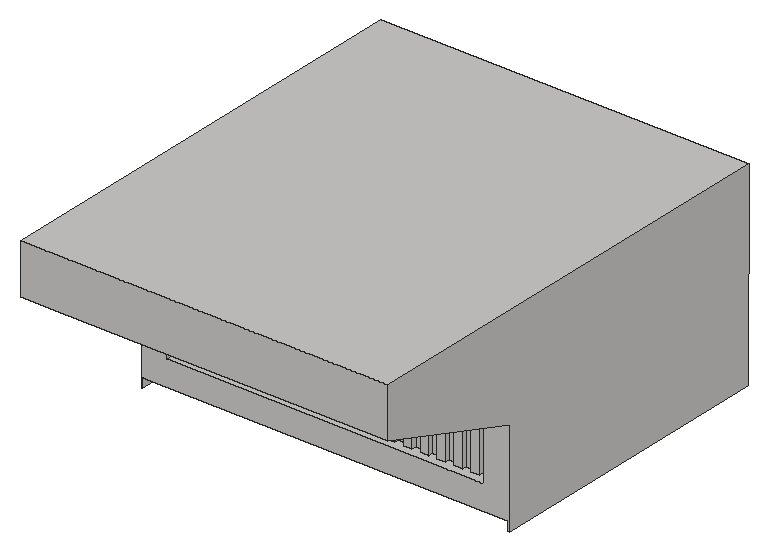
Revit family "QF_ZANUSSI_922732_HOEXFAST61011", category Specialty Equipment, Revit 2021
Family settings
  Round Connector Dimension = Use Diameter
  Part Type = Normal
  Work Plane-Based = No
  Always vertical = Yes
  Cut with Voids When Loaded = No
  Shared = No
  Room Calculation Point = No
Parameters
  Weight = 59.00 kg
  Watts = 0 W
  Volts = 220 V
  URL Manufacturer = "http://www.zanussiprofessional.com"
  URL = "http://www.zanussiprofessional.com"
  Steam Supply Size = 0 mm
  Steam Supply Minimum Pressure = 0.0 Pa
  Steam Supply Maximum Pressure = 0.0 Pa
  Steam Pounds per Hour = 0
  Show Logo [instance] = yes
  Show Clearance [instance] = yes
  Refrigeration Suction Line Size = 0 mm
  Refrigeration Liquid Line Size = 0 mm
  Refrigerant Compressor Remote = yes
  Manufacturer = "Zanussi"
  Phase = 1
  Model = "HOSS11"
  Length Actual = 875 mm
  Item Number = "922732"
  Hot Water Size = 0 mm
  Height Actual = 450 mm
  HP = "0.6 HP"
  Gas Size = 0 mm
  Gas KW = 0
  Gas Input Pressure = 0 W
  Direct Waste Size = 0 mm
  Description = "EXHAUST HOOD WITH FAN FOR STACKING 6+6&10 GN 1/1 OVENS"
  Depth Actual = 1191 mm
  Default Elevation = 0 mm
  Cycle = 50 Hz
  Condensate Return Size = 0 mm
  Compressed Air Volume = 0.0 L/s
  Compressed Air Size = 0 mm
  Compressed Air Pressure = 0.0 Pa
  Cold Water Size = 0 mm
  Accessory = no
Reference planes
  plane 1 "Center X": y = 92.351
  plane 2: z = 0
  plane 3 "Center Y": x = -326.5
  plane 4 "LEFT": x = -760
  plane 5 "BACK": y = 479.851
  plane 6 "RIGHT": x = 107
  plane 7 "FRONT": y = -295.149
  plane 8 "TOP": z = 1728
  plane 9: y = -590.149
  plane 10: x = -764
  plane 11: x = 111
  plane 12: z = 2178
Forms (mm)
  Extrusion 1, solid, material "QF_Clearance", visible <- "Show Clearance", detail levels coarse
    sketch origin (0, 0, 0) x (1, 0, 0) y (0, 1, 0)
      loop
        line (-764, 479.851) -> (111, 479.851) -> (111, 629.851) -> (-764, 629.851) -> (-764, 479.851)
    from 1707 to 2178
  Extrusion 2, solid, material "QF_Clearance", visible <- "Show Clearance", detail levels coarse
    sketch origin (-1150.39, -1524, 2178) x (-1, 0, 0) y (0, -1, 0)
      loop
        line (-386.39, -933.851) -> (-1261.39, -933.851) -> (-1261.39, -2153.851) -> (-386.39, -2153.851) -> (-386.39, -933.851)
    from 450 to 0
  Extrusion 3, solid, material "QF_Finishes_Stainless Steel"
    sketch origin (-764, 902.856, 4000) x (0, 1, 0) y (0, 0, 1)
      loop
        line (-423.005, -2272) -> (-423.005, -1822) -> (-1493.005, -1822) -> (-1493.005, -1942.064) -> (-1133.005, -2066.021) -> (-1133.005, -2272) -> (-423.005, -2272)
    from 60 to 0
  Extrusion 4, solid, material "QF_Finishes_Stainless Steel"
    sketch origin (111, 902.856, 4000) x (0, 1, 0) y (0, 0, 1)
      loop
        line (-423.005, -2272) -> (-423.005, -1822) -> (-1493.005, -1822) -> (-1493.005, -1942.064) -> (-1133.005, -2066.021) -> (-1133.005, -2272) -> (-423.005, -2272)
    from -60 to 0
  Extrusion 5, solid, material "QF_Finishes_Stainless Steel"
    sketch origin (-326.5, 0, 0) x (0, 1, 0) y (0, 0, 1)
      loop
        line (479.851, 1728) -> (479.851, 2178) -> (-590.149, 2178) -> (-590.149, 2057.936) -> (-210.149, 2057.936) -> (-210.149, 1788) -> (-230.149, 1788) -> (-230.149, 1728) -> (479.851, 1728)
    from -377.5 to 377.5
  Extrusion 6, solid, material "QF_Finishes_Stainless Steel"
    sketch origin (0, -295.149, 0) x (-1, 0, 0) y (0, 0, 1)
      loop
        line (764, 1728) -> (760, 1728) -> (760, 1707) -> (764, 1707) -> (764, 1728)
      loop
        line (-107, 1728) -> (-111, 1728) -> (-111, 1707) -> (-107, 1707) -> (-107, 1728)
    from 65 to 775
  Extrusion 7, solid, material "QF_Finishes_Stainless Steel"
    sketch origin (0, 479.851, 0) x (-1, 0, 0) y (0, 0, 1)
      loop
        circle (-86, 2113) r 8
      loop
        circle (326.5, 1746) r 7
    from 0 to 20
  Extrusion 8, solid, material "QF_Finishes_Stainless Steel"
    sketch origin (-764, 902.856, 4000) x (0, 1, 0) y (0, 0, 1)
      loop
        line (-302.005, -2270.064) -> (-302.005, -2125.063) -> (-423.005, -2004.063) -> (-423.005, -2270.064) -> (-302.005, -2270.064)
    from 365 to 50
  Extrusion 9, void
    sketch origin (0, 0, 0) x (1, 0, 0) y (0, 1, 0)
      loop
        line (-696.5, -200.149) -> (-696.5, -210.149) -> (-676.5, -210.149) -> (-676.5, -200.149) -> (-696.5, -200.149)
      loop
        line (-656.5, -200.149) -> (-656.5, -210.149) -> (-636.5, -210.149) -> (-636.5, -200.149) -> (-656.5, -200.149)
      loop
        line (-616.5, -200.149) -> (-616.5, -210.149) -> (-596.5, -210.149) -> (-596.5, -200.149) -> (-616.5, -200.149)
      loop
        line (-576.5, -200.149) -> (-576.5, -210.149) -> (-556.5, -210.149) -> (-556.5, -200.149) -> (-576.5, -200.149)
      loop
        line (-536.5, -200.149) -> (-536.5, -210.149) -> (-516.5, -210.149) -> (-516.5, -200.149) -> (-536.5, -200.149)
      loop
        line (-496.5, -200.149) -> (-496.5, -210.149) -> (-476.5, -210.149) -> (-476.5, -200.149) -> (-496.5, -200.149)
      loop
        line (-456.5, -200.149) -> (-456.5, -210.149) -> (-436.5, -210.149) -> (-436.5, -200.149) -> (-456.5, -200.149)
      loop
        line (-416.5, -200.149) -> (-416.5, -210.149) -> (-396.5, -210.149) -> (-396.5, -200.149) -> (-416.5, -200.149)
      loop
        line (-376.5, -200.149) -> (-376.5, -210.149) -> (-356.5, -210.149) -> (-356.5, -200.149) -> (-376.5, -200.149)
      loop
        line (-336.5, -200.149) -> (-336.5, -210.149) -> (-316.5, -210.149) -> (-316.5, -200.149) -> (-336.5, -200.149)
      loop
        line (-296.5, -200.149) -> (-296.5, -210.149) -> (-276.5, -210.149) -> (-276.5, -200.149) -> (-296.5, -200.149)
      loop
        line (-256.5, -200.149) -> (-256.5, -210.149) -> (-236.5, -210.149) -> (-236.5, -200.149) -> (-256.5, -200.149)
      loop
        line (-216.5, -200.149) -> (-216.5, -210.149) -> (-196.5, -210.149) -> (-196.5, -200.149) -> (-216.5, -200.149)
      loop
        line (-176.5, -200.149) -> (-176.5, -210.149) -> (-156.5, -210.149) -> (-156.5, -200.149) -> (-176.5, -200.149)
      loop
        line (-136.5, -200.149) -> (-136.5, -210.149) -> (-116.5, -210.149) -> (-116.5, -200.149) -> (-136.5, -200.149)
      loop
        line (-96.5, -200.149) -> (-96.5, -210.149) -> (-76.5, -210.149) -> (-76.5, -200.149) -> (-96.5, -200.149)
      loop
        line (-56.5, -200.149) -> (-56.5, -210.149) -> (-36.5, -210.149) -> (-36.5, -200.149) -> (-56.5, -200.149)
      loop
        line (-16.5, -200.149) -> (-16.5, -210.149) -> (3.5, -210.149) -> (3.5, -200.149) -> (-16.5, -200.149)
      loop
        line (23.5, -200.149) -> (23.5, -210.149) -> (43.5, -210.149) -> (43.5, -200.149) -> (23.5, -200.149)
    from 1788 to 2057.936
Cuts and joins
  joined: Extrusion 1, Extrusion 2
  Extrusion 9 cuts Extrusion 3
  Extrusion 9 cuts Extrusion 4
  Extrusion 9 cuts Extrusion 5
  Extrusion 9 cuts Extrusion 6
  Extrusion 9 cuts Extrusion 7
  Extrusion 9 cuts Extrusion 8
  joined: Extrusion 3, Extrusion 4, Extrusion 5, Extrusion 6, Extrusion 7, Extrusion 8
Lines and regions (mm)
  symbolic lines, style "QF_Clearances", visible <- "Show Clearance"
    curve 1: line (111, 629.851, 0) -> (-764, 629.851, 0)
  symbolic lines, style "Linee tratto punto"
    curve 2: line (-764, 479.851, 0) -> (111, 479.851, 0)
    curve 3: line (-764, -590.149, 0) -> (-764, 479.851, 0)
    curve 4: line (111, -590.149, 0) -> (-764, -590.149, 0)
    curve 5: line (111, 479.851, 0) -> (111, -590.149, 0)
    curve 6: line (-714, 600.851, 0) -> (-714, 479.851, 0)
    curve 7: line (-399, 600.851, 0) -> (-714, 600.851, 0)
    curve 8: line (-399, 479.851, 0) -> (-399, 600.851, 0)
    curve 19: line (-764, -590.149, 0) -> (111, 479.851, 0)
    curve 20: line (-764, 479.851, 0) -> (111, -590.149, 0)
  symbolic lines
    curve 9: line (-333.5, 499.851, 0) -> (-319.5, 499.851, 0)
    curve 10: line (-319.5, 499.851, 0) -> (-319.5, 479.851, 0)
    curve 11: line (-333.5, 499.851, 0) -> (-333.5, 479.851, 0)
    curve 12: line (94, 499.851, 0) -> (94, 479.851, 0)
    curve 13: line (94, 499.851, 0) -> (78, 499.851, 0)
    curve 14: line (78, 499.851, 0) -> (78, 479.851, 0)
  symbolic lines, style "SpecialityEquipmentHiddenLines"
    curve 15: line (-334, 338.851, 0) -> (-34, 338.851, 0)
    curve 16: line (-334, 38.851, 0) -> (-334, 338.851, 0)
    curve 17: line (-34, 38.851, 0) -> (-334, 38.851, 0)
    curve 18: line (-34, 338.851, 0) -> (-34, 38.851, 0)
Dimensions and locks
  equal spacing: plane 4 "LEFT", plane 3 "Center Y", plane 6 "RIGHT"
  plane 10 to plane 11 = 875 mm
  plane 5 "BACK" to plane 9 = 1070 mm
  equal spacing: plane 5 "BACK", plane 1 "Center X", plane 7 "FRONT"
  locked: plane 10 to plane 4 "LEFT" at 4
  locked: plane 6 "RIGHT" to plane 11 at 4
  cut or joined group of Extrusion 3, Extrusion 4, Extrusion 5, Extrusion 6, Extrusion 7, Extrusion 8, Extrusion 9 to Extrusion 7 sketch curve = 39 mm
  Extrusion 7 sketch curve to plane 12 = 65 mm
  plane 11 to Extrusion 7 sketch curve = 25 mm
  aligned and locked: level to plane 2
Automatic sketch dimensions
  Extrusion 1 sketch curve to plane 10 = 0 mm
  Extrusion 1 sketch curve to plane 11 = 0 mm
  Extrusion 1 sketch curve to plane 5 "BACK" = 0 mm
  plane 5 "BACK" to Extrusion 1 sketch curve = 150 mm
  Extrusion 2 sketch curve to plane 9 = 0 mm
  Extrusion 2 sketch curve to plane 11 = 0 mm
  Extrusion 2 sketch curve to plane 10 = 0 mm
  plane 5 "BACK" to Extrusion 2 sketch curve = 150 mm
  Extrusion 5 sketch curve to plane 9 = 0 mm
  Extrusion 5 sketch curve to plane 8 "TOP" = 0 mm
  Extrusion 5 sketch curve to plane 5 "BACK" = 0 mm
  Extrusion 5 sketch curve to plane 12 = 0 mm
  plane 7 "FRONT" to Extrusion 5 sketch curve = 65 mm
  plane 7 "FRONT" to Extrusion 5 sketch curve = 85 mm
  plane 8 "TOP" to Extrusion 5 sketch curve = 60 mm
  Extrusion 5 sketch curve to plane 12 = 120.064 mm
  Extrusion 6 sketch curve to plane 8 "TOP" = 0 mm  (x2)
  Extrusion 6 sketch curve to plane 11 = 0 mm
  Extrusion 6 sketch curve to plane 6 "RIGHT" = 0 mm
  Extrusion 6 sketch curve to plane 4 "LEFT" = 0 mm
  Extrusion 6 sketch curve to plane 10 = 0 mm
  Extrusion 6 sketch curve to plane 8 "TOP" = 21 mm
  Extrusion 6 sketch curve to Extrusion 6 sketch curve = 21 mm
  Extrusion 7 sketch curve to plane 3 "Center Y" = 0 mm
  Extrusion 8 sketch curve to plane 5 "BACK" = 0 mm
  plane 8 "TOP" to Extrusion 8 sketch curve = 1.937 mm
  plane 5 "BACK" to Extrusion 8 sketch curve = 121 mm
  Extrusion 8 sketch curve to Extrusion 8 sketch curve = 145 mm
  Extrusion 8 sketch curve to Extrusion 8 sketch curve = 121 mm
  curve 1 to plane 10 = 0 mm
  curve 4 to plane 10 = 0 mm
  curve 1 to plane 11 = 0 mm
  curve 19 to plane 5 "BACK" = 0 mm
  curve 19 to plane 11 = 0 mm
  curve 5 to plane 9 = 0 mm
  plane 4 "LEFT" to curve 6 = 46 mm
  curve 8 to plane 3 "Center Y" = 72.5 mm
  curve 11 to plane 3 "Center Y" = 7 mm
  plane 3 "Center Y" to curve 9 = 7 mm
  curve 15 to plane 3 "Center Y" = 7.5 mm
  curve 18 to plane 6 "RIGHT" = 141 mm
  curve 14 to plane 6 "RIGHT" = 29 mm
  curve 12 to plane 6 "RIGHT" = 13 mm
  plane 1 "Center X" to curve 17 = 53.5 mm
  curve 15 to plane 5 "BACK" = 141 mm
  curve 12 to curve 13 = 20 mm
  plane 5 "BACK" to curve 11 = 20 mm
  plane 5 "BACK" to curve 7 = 121 mm
  curve 12 to curve 1 = 130 mm
  Extrusion 4 sketch curve to plane 9 = 0 mm
  Extrusion 4 sketch curve to plane 8 "TOP" = 0 mm
  Extrusion 4 sketch curve to plane 5 "BACK" = 0 mm
  Extrusion 4 sketch curve to plane 12 = 0 mm
  plane 7 "FRONT" to Extrusion 4 sketch curve = 65 mm
  plane 8 "TOP" to Extrusion 4 sketch curve = 205.979 mm
  Extrusion 4 sketch curve to Extrusion 4 sketch curve = 120.064 mm
  Extrusion 3 sketch curve to plane 9 = 0 mm
  Extrusion 3 sketch curve to plane 8 "TOP" = 0 mm
  Extrusion 3 sketch curve to plane 5 "BACK" = 0 mm
  Extrusion 3 sketch curve to plane 12 = 0 mm
  plane 7 "FRONT" to Extrusion 3 sketch curve = 65 mm
  plane 8 "TOP" to Extrusion 3 sketch curve = 205.979 mm
  Extrusion 3 sketch curve to Extrusion 3 sketch curve = 120.064 mm
  plane 4 "LEFT" to Extrusion 9 sketch curve = 63.5 mm
  Extrusion 9 sketch curve to Extrusion 9 sketch curve = 20 mm  (x35)
  Extrusion 9 sketch curve to plane 3 "Center Y" = 30 mm
  Extrusion 9 sketch curve to plane 3 "Center Y" = 10 mm
  plane 7 "FRONT" to Extrusion 9 sketch curve = 85 mm  (x2)
  Extrusion 9 sketch curve to Extrusion 9 sketch curve = 0 mm  (x17)
  Extrusion 9 sketch curve to Extrusion 9 sketch curve = 10 mm  (x19)
  radius of Extrusion 7 sketch curve = 8 mm
  radius of Extrusion 7 sketch curve = 7 mm
Connectors
  electrical at (86, 499.851, 2113)
    settings: on cut or joined group of Extrusion 3, Extrusion 4, Extrusion 5, Extrusion 6, Extrusion 7, Extrusion 8, Extrusion 9, index 1, voltage 0 V, apparent load 0 VA, apparent load phase1 0 VA, apparent load phase2 0 VA, apparent load phase3 0 VA, power factor 1, load classification "Altro", number of poles 1, system type 30, power factor state 1, is connector primary yes, connector utility no, sub classification motor no, connector description "Electrical Connection"
  piping at (-326.5, 499.851, 1746), diameter 14
    settings: on cut or joined group of Extrusion 3, Extrusion 4, Extrusion 5, Extrusion 6, Extrusion 7, Extrusion 8, Extrusion 9, index 2, connector inside diameter 609.6 mm, connector length 0 mm, flow factor 0, pipe flow 0.0 L/s, pressure drop 0.0 Pa, fitting loss kfactor 0, connector angle 0.00°, fixture units 0, engagement length 0 mm, angle of deflection 0.00°, flow configuration 1, flow direction 2, fitting loss method 0, system type 16, joint type 0, gender type 0, connector reference index -1, connector utility 0, adjustable connector no, is connector primary yes, connector description "Drain"
